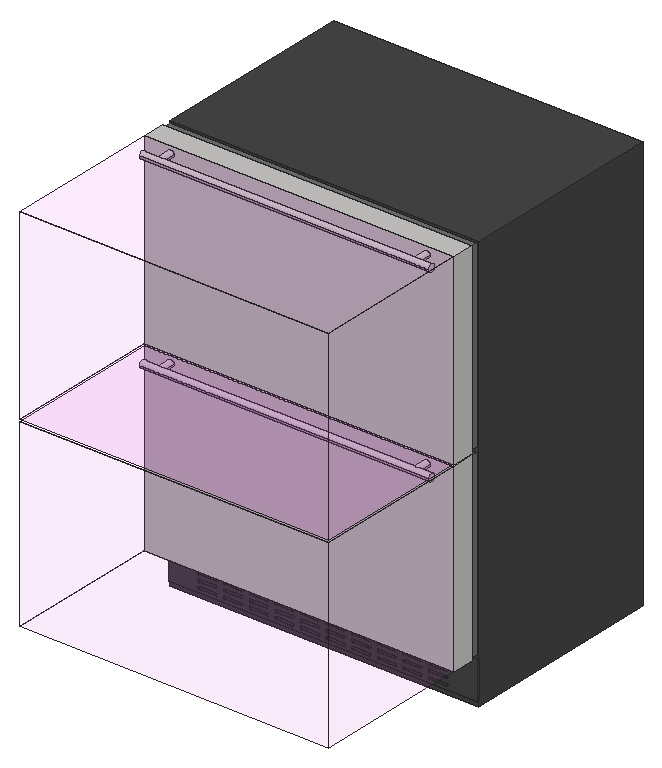
Revit family "QF_Summit_ASDR2414_ADA_Compliant_2_Drawer_Refrigerator", category Specialty Equipment, Revit 2020
Family settings
  Round Connector Dimension = Use Diameter
  Part Type = Normal
  Work Plane-Based = No
  Always vertical = Yes
  Cut with Voids When Loaded = No
  Shared = No
  Room Calculation Point = No
Parameters
  Weight in Pounds = 106
  Watts = if(Phase = 3, Volts * FL Amps * 1.73, Volts * FL Amps)  # 115 W
  Volts = 115 V
  URL Cutsheet = ""
  Specification by User = ""
  Specification by Manufacturer = ""
  Show Kickplate Extension [instance] = no
  Show Feet [instance] = not(Show Kickplate Extension)  # yes
  Show Clearance [instance] = yes
  Serial Number = ""
  Seismic Rating = ""
  SMACNA No = ""
  Revision Code = ""
  Phase = 1
  Number of Poles = 1
  NAFEM Spec ID Number = ""
  Model = "ASDR2414"
  Min Ckt Ampacity = 0 A
  Max Overcurrent Protection = 0 A
  Masterspec = ""
  Manufacturer = "Summit"
  Length = 23 3/8"
  Item Number = ""
  Installed By = ""
  Identify Quantity as Lot = yes
  Height = 32"
  HP = ""
  Furnished By = ""
  Foodservice Equipment Identifier = yes
  FL Amps = 1 A
  Electrical Remarks = ""
  Electric Connection Type = ""
  Elec Conn RI Height = 0"
  Elec Conn Connection Height = 0"
  Description = "ADA Compliant 2-Drawer Refrigerator"
  Depth = 17 7/8"
  Default Elevation = 0"
  Cycle = 60 Hz
  Conn Plug = ""
  Conn Conduit = yes
  CSI MasterFormat = ""
  Base Height [instance] = if(Show Feet, 1/2", if(Show Kickplate Extension, 2", 1/2"))  # 1/2"
  Apparent Power = if(Phase = 3, Volts * FL Amps * 1.73, Volts * FL Amps)  # 115 VA
Reference planes (in)
  plane 1 "BACK": y = 0
  plane 2: z = 0
  plane 3 "LEFT": x = 0
  plane 4 "RIGHT": x = 23.375
  plane 5 "FRONT": y = -17.875
  plane 6 "TOP": z = 32
  plane 7 "Center Y": x = 11.6875
  plane 8 "Center X": y = -8.9375
  plane 9 "Base Height": z = 0.5
  plane 10: y = -29.625
  plane 11: y = -15.5
  plane 12: z = 3.875
  plane 13: y = -19.25
  plane 14: y = -16.125
  plane 15: z = 17.9375
Forms (in)
  Extrusion 1, solid, material "QF_Metal_Black"
    sketch origin (0, 0, 0.5) x (-1, 0, 0) y (0, -1, 0)
      loop
        line (0, 0) -> (0, 15.5) -> (-23.375, 15.5) -> (-23.375, 0) -> (0, 0)
    from 0 to 31.5
  Extrusion 2, solid, material "QF_Metal - Stainless - Polished"
    sketch origin (23.375, -15.5, 0.5) x (-1, 0, 0) y (0, 0, -1)
      loop
        line (23.375, -31.5) -> (23.375, -17.4375) -> (0, -17.4375) -> (0, -31.5) -> (23.375, -31.5)
      loop
        line (23.375, -17.3125) -> (23.375, -3.375) -> (0, -3.375) -> (0, -17.3125) -> (23.375, -17.3125)
    from 0.625 to 2.375
  Extrusion 3, solid, material "QF_Rubber - Black - Smooth"
    sketch origin (23.375, -15.5, 0.5) x (-1, 0, 0) y (0, 0, -1)
      loop
        line (23.25, -31.375) -> (23.25, -17.5625) -> (0.125, -17.5625) -> (0.125, -31.375) -> (23.25, -31.375)
      loop
        line (23.25, -17.1875) -> (23.25, -3.5) -> (0.125, -3.5) -> (0.125, -17.1875) -> (23.25, -17.1875)
    from 0 to 0.625
  Extrusion 4, solid, material "QF_Metal_Black"
    sketch origin (23.375, -15.5, 0.5) x (-1, 0, 0) y (0, 0, -1)
      loop
        line (23.375, -0.375) -> (0, -0.375) -> (0, -3.25) -> (23.375, -3.25) -> (23.375, -0.375)
      loop
        line (13.28125, -2.5625) -> (12.03125, -2.5625)
        arc (12.03125, -2.5625) -> (11.90625, -2.6875) -> (12.03125, -2.8125) r 0.125
        line (12.03125, -2.8125) -> (13.28125, -2.8125)
        arc (13.28125, -2.8125) -> (13.40625, -2.6875) -> (13.28125, -2.5625) r 0.125
      loop
        line (13.28125, -2.0625) -> (12.03125, -2.0625)
        arc (12.03125, -2.0625) -> (11.90625, -2.1875) -> (12.03125, -2.3125) r 0.125
        line (12.03125, -2.3125) -> (13.28125, -2.3125)
        arc (13.28125, -2.3125) -> (13.40625, -2.1875) -> (13.28125, -2.0625) r 0.125
      loop
        arc (13.28125, -1.8125) -> (13.40625, -1.6875) -> (13.28125, -1.5625) r 0.125
        line (13.28125, -1.5625) -> (12.03125, -1.5625)
        arc (12.03125, -1.5625) -> (11.90625, -1.6875) -> (12.03125, -1.8125) r 0.125
        line (12.03125, -1.8125) -> (13.28125, -1.8125)
      loop
        arc (13.28125, -1.3125) -> (13.40625, -1.1875) -> (13.28125, -1.0625) r 0.125
        line (13.28125, -1.0625) -> (12.03125, -1.0625)
        arc (12.03125, -1.0625) -> (11.90625, -1.1875) -> (12.03125, -1.3125) r 0.125
        line (12.03125, -1.3125) -> (13.28125, -1.3125)
      loop
        arc (13.28125, -0.8125) -> (13.40625, -0.6875) -> (13.28125, -0.5625) r 0.125
        line (13.28125, -0.5625) -> (12.03125, -0.5625)
        arc (12.03125, -0.5625) -> (11.90625, -0.6875) -> (12.03125, -0.8125) r 0.125
        line (12.03125, -0.8125) -> (13.28125, -0.8125)
      loop
        line (11.34375, -2.5625) -> (10.09375, -2.5625)
        arc (10.09375, -2.5625) -> (9.96875, -2.6875) -> (10.09375, -2.8125) r 0.125
        line (10.09375, -2.8125) -> (11.34375, -2.8125)
        arc (11.34375, -2.8125) -> (11.46875, -2.6875) -> (11.34375, -2.5625) r 0.125
      loop
        line (11.34375, -2.0625) -> (10.09375, -2.0625)
        arc (10.09375, -2.0625) -> (9.96875, -2.1875) -> (10.09375, -2.3125) r 0.125
        line (10.09375, -2.3125) -> (11.34375, -2.3125)
        arc (11.34375, -2.3125) -> (11.46875, -2.1875) -> (11.34375, -2.0625) r 0.125
      loop
        arc (11.34375, -1.8125) -> (11.46875, -1.6875) -> (11.34375, -1.5625) r 0.125
        line (11.34375, -1.5625) -> (10.09375, -1.5625)
        arc (10.09375, -1.5625) -> (9.96875, -1.6875) -> (10.09375, -1.8125) r 0.125
        line (10.09375, -1.8125) -> (11.34375, -1.8125)
      loop
        arc (11.34375, -1.3125) -> (11.46875, -1.1875) -> (11.34375, -1.0625) r 0.125
        line (11.34375, -1.0625) -> (10.09375, -1.0625)
        arc (10.09375, -1.0625) -> (9.96875, -1.1875) -> (10.09375, -1.3125) r 0.125
        line (10.09375, -1.3125) -> (11.34375, -1.3125)
      loop
        arc (11.34375, -0.8125) -> (11.46875, -0.6875) -> (11.34375, -0.5625) r 0.125
        line (11.34375, -0.5625) -> (10.09375, -0.5625)
        arc (10.09375, -0.5625) -> (9.96875, -0.6875) -> (10.09375, -0.8125) r 0.125
        line (10.09375, -0.8125) -> (11.34375, -0.8125)
      loop
        line (9.40625, -2.5625) -> (8.15625, -2.5625)
        arc (8.15625, -2.5625) -> (8.03125, -2.6875) -> (8.15625, -2.8125) r 0.125
        line (8.15625, -2.8125) -> (9.40625, -2.8125)
        arc (9.40625, -2.8125) -> (9.53125, -2.6875) -> (9.40625, -2.5625) r 0.125
      loop
        line (9.40625, -2.0625) -> (8.15625, -2.0625)
        arc (8.15625, -2.0625) -> (8.03125, -2.1875) -> (8.15625, -2.3125) r 0.125
        line (8.15625, -2.3125) -> (9.40625, -2.3125)
        arc (9.40625, -2.3125) -> (9.53125, -2.1875) -> (9.40625, -2.0625) r 0.125
      loop
        arc (9.40625, -1.8125) -> (9.53125, -1.6875) -> (9.40625, -1.5625) r 0.125
        line (9.40625, -1.5625) -> (8.15625, -1.5625)
        arc (8.15625, -1.5625) -> (8.03125, -1.6875) -> (8.15625, -1.8125) r 0.125
        line (8.15625, -1.8125) -> (9.40625, -1.8125)
      loop
        arc (9.40625, -1.3125) -> (9.53125, -1.1875) -> (9.40625, -1.0625) r 0.125
        line (9.40625, -1.0625) -> (8.15625, -1.0625)
        arc (8.15625, -1.0625) -> (8.03125, -1.1875) -> (8.15625, -1.3125) r 0.125
        line (8.15625, -1.3125) -> (9.40625, -1.3125)
      loop
        arc (9.40625, -0.8125) -> (9.53125, -0.6875) -> (9.40625, -0.5625) r 0.125
        line (9.40625, -0.5625) -> (8.15625, -0.5625)
        arc (8.15625, -0.5625) -> (8.03125, -0.6875) -> (8.15625, -0.8125) r 0.125
        line (8.15625, -0.8125) -> (9.40625, -0.8125)
      loop
        line (7.46875, -2.5625) -> (6.21875, -2.5625)
        arc (6.21875, -2.5625) -> (6.09375, -2.6875) -> (6.21875, -2.8125) r 0.125
        line (6.21875, -2.8125) -> (7.46875, -2.8125)
        arc (7.46875, -2.8125) -> (7.59375, -2.6875) -> (7.46875, -2.5625) r 0.125
      loop
        line (7.46875, -2.0625) -> (6.21875, -2.0625)
        arc (6.21875, -2.0625) -> (6.09375, -2.1875) -> (6.21875, -2.3125) r 0.125
        line (6.21875, -2.3125) -> (7.46875, -2.3125)
        arc (7.46875, -2.3125) -> (7.59375, -2.1875) -> (7.46875, -2.0625) r 0.125
      loop
        arc (7.46875, -1.8125) -> (7.59375, -1.6875) -> (7.46875, -1.5625) r 0.125
        line (7.46875, -1.5625) -> (6.21875, -1.5625)
        arc (6.21875, -1.5625) -> (6.09375, -1.6875) -> (6.21875, -1.8125) r 0.125
        line (6.21875, -1.8125) -> (7.46875, -1.8125)
      loop
        arc (7.46875, -1.3125) -> (7.59375, -1.1875) -> (7.46875, -1.0625) r 0.125
        line (7.46875, -1.0625) -> (6.21875, -1.0625)
        arc (6.21875, -1.0625) -> (6.09375, -1.1875) -> (6.21875, -1.3125) r 0.125
        line (6.21875, -1.3125) -> (7.46875, -1.3125)
      loop
        arc (7.46875, -0.8125) -> (7.59375, -0.6875) -> (7.46875, -0.5625) r 0.125
        line (7.46875, -0.5625) -> (6.21875, -0.5625)
        arc (6.21875, -0.5625) -> (6.09375, -0.6875) -> (6.21875, -0.8125) r 0.125
        line (6.21875, -0.8125) -> (7.46875, -0.8125)
      loop
        line (5.53125, -2.5625) -> (4.28125, -2.5625)
        arc (4.28125, -2.5625) -> (4.15625, -2.6875) -> (4.28125, -2.8125) r 0.125
        line (4.28125, -2.8125) -> (5.53125, -2.8125)
        arc (5.53125, -2.8125) -> (5.65625, -2.6875) -> (5.53125, -2.5625) r 0.125
      loop
        line (5.53125, -2.0625) -> (4.28125, -2.0625)
        arc (4.28125, -2.0625) -> (4.15625, -2.1875) -> (4.28125, -2.3125) r 0.125
        line (4.28125, -2.3125) -> (5.53125, -2.3125)
        arc (5.53125, -2.3125) -> (5.65625, -2.1875) -> (5.53125, -2.0625) r 0.125
      loop
        arc (5.53125, -1.8125) -> (5.65625, -1.6875) -> (5.53125, -1.5625) r 0.125
        line (5.53125, -1.5625) -> (4.28125, -1.5625)
        arc (4.28125, -1.5625) -> (4.15625, -1.6875) -> (4.28125, -1.8125) r 0.125
        line (4.28125, -1.8125) -> (5.53125, -1.8125)
      loop
        arc (5.53125, -1.3125) -> (5.65625, -1.1875) -> (5.53125, -1.0625) r 0.125
        line (5.53125, -1.0625) -> (4.28125, -1.0625)
        arc (4.28125, -1.0625) -> (4.15625, -1.1875) -> (4.28125, -1.3125) r 0.125
        line (4.28125, -1.3125) -> (5.53125, -1.3125)
      loop
        arc (5.53125, -0.8125) -> (5.65625, -0.6875) -> (5.53125, -0.5625) r 0.125
        line (5.53125, -0.5625) -> (4.28125, -0.5625)
        arc (4.28125, -0.5625) -> (4.15625, -0.6875) -> (4.28125, -0.8125) r 0.125
        line (4.28125, -0.8125) -> (5.53125, -0.8125)
      loop
        line (3.59375, -2.5625) -> (2.34375, -2.5625)
        arc (2.34375, -2.5625) -> (2.21875, -2.6875) -> (2.34375, -2.8125) r 0.125
        line (2.34375, -2.8125) -> (3.59375, -2.8125)
        arc (3.59375, -2.8125) -> (3.71875, -2.6875) -> (3.59375, -2.5625) r 0.125
      loop
        line (3.59375, -2.0625) -> (2.34375, -2.0625)
        arc (2.34375, -2.0625) -> (2.21875, -2.1875) -> (2.34375, -2.3125) r 0.125
        line (2.34375, -2.3125) -> (3.59375, -2.3125)
        arc (3.59375, -2.3125) -> (3.71875, -2.1875) -> (3.59375, -2.0625) r 0.125
      loop
        arc (3.59375, -1.8125) -> (3.71875, -1.6875) -> (3.59375, -1.5625) r 0.125
        line (3.59375, -1.5625) -> (2.34375, -1.5625)
        arc (2.34375, -1.5625) -> (2.21875, -1.6875) -> (2.34375, -1.8125) r 0.125
        line (2.34375, -1.8125) -> (3.59375, -1.8125)
      loop
        arc (3.59375, -1.3125) -> (3.71875, -1.1875) -> (3.59375, -1.0625) r 0.125
        line (3.59375, -1.0625) -> (2.34375, -1.0625)
        arc (2.34375, -1.0625) -> (2.21875, -1.1875) -> (2.34375, -1.3125) r 0.125
        line (2.34375, -1.3125) -> (3.59375, -1.3125)
      loop
        arc (3.59375, -0.8125) -> (3.71875, -0.6875) -> (3.59375, -0.5625) r 0.125
        line (3.59375, -0.5625) -> (2.34375, -0.5625)
        arc (2.34375, -0.5625) -> (2.21875, -0.6875) -> (2.34375, -0.8125) r 0.125
        line (2.34375, -0.8125) -> (3.59375, -0.8125)
      loop
        line (15.21875, -2.5625) -> (13.96875, -2.5625)
        arc (13.96875, -2.5625) -> (13.84375, -2.6875) -> (13.96875, -2.8125) r 0.125
        line (13.96875, -2.8125) -> (15.21875, -2.8125)
        arc (15.21875, -2.8125) -> (15.34375, -2.6875) -> (15.21875, -2.5625) r 0.125
      loop
        line (15.21875, -2.0625) -> (13.96875, -2.0625)
        arc (13.96875, -2.0625) -> (13.84375, -2.1875) -> (13.96875, -2.3125) r 0.125
        line (13.96875, -2.3125) -> (15.21875, -2.3125)
        arc (15.21875, -2.3125) -> (15.34375, -2.1875) -> (15.21875, -2.0625) r 0.125
      loop
        arc (15.21875, -1.8125) -> (15.34375, -1.6875) -> (15.21875, -1.5625) r 0.125
        line (15.21875, -1.5625) -> (13.96875, -1.5625)
        arc (13.96875, -1.5625) -> (13.84375, -1.6875) -> (13.96875, -1.8125) r 0.125
        line (13.96875, -1.8125) -> (15.21875, -1.8125)
      loop
        arc (15.21875, -1.3125) -> (15.34375, -1.1875) -> (15.21875, -1.0625) r 0.125
        line (15.21875, -1.0625) -> (13.96875, -1.0625)
        arc (13.96875, -1.0625) -> (13.84375, -1.1875) -> (13.96875, -1.3125) r 0.125
        line (13.96875, -1.3125) -> (15.21875, -1.3125)
      loop
        arc (15.21875, -0.8125) -> (15.34375, -0.6875) -> (15.21875, -0.5625) r 0.125
        line (15.21875, -0.5625) -> (13.96875, -0.5625)
        arc (13.96875, -0.5625) -> (13.84375, -0.6875) -> (13.96875, -0.8125) r 0.125
        line (13.96875, -0.8125) -> (15.21875, -0.8125)
      loop
        line (17.15625, -2.5625) -> (15.90625, -2.5625)
        arc (15.90625, -2.5625) -> (15.78125, -2.6875) -> (15.90625, -2.8125) r 0.125
        line (15.90625, -2.8125) -> (17.15625, -2.8125)
        arc (17.15625, -2.8125) -> (17.28125, -2.6875) -> (17.15625, -2.5625) r 0.125
      loop
        line (17.15625, -2.0625) -> (15.90625, -2.0625)
        arc (15.90625, -2.0625) -> (15.78125, -2.1875) -> (15.90625, -2.3125) r 0.125
        line (15.90625, -2.3125) -> (17.15625, -2.3125)
        arc (17.15625, -2.3125) -> (17.28125, -2.1875) -> (17.15625, -2.0625) r 0.125
      loop
        arc (17.15625, -1.8125) -> (17.28125, -1.6875) -> (17.15625, -1.5625) r 0.125
        line (17.15625, -1.5625) -> (15.90625, -1.5625)
        arc (15.90625, -1.5625) -> (15.78125, -1.6875) -> (15.90625, -1.8125) r 0.125
        line (15.90625, -1.8125) -> (17.15625, -1.8125)
      loop
        arc (17.15625, -1.3125) -> (17.28125, -1.1875) -> (17.15625, -1.0625) r 0.125
        line (17.15625, -1.0625) -> (15.90625, -1.0625)
        arc (15.90625, -1.0625) -> (15.78125, -1.1875) -> (15.90625, -1.3125) r 0.125
        line (15.90625, -1.3125) -> (17.15625, -1.3125)
      loop
        arc (17.15625, -0.8125) -> (17.28125, -0.6875) -> (17.15625, -0.5625) r 0.125
        line (17.15625, -0.5625) -> (15.90625, -0.5625)
        arc (15.90625, -0.5625) -> (15.78125, -0.6875) -> (15.90625, -0.8125) r 0.125
        line (15.90625, -0.8125) -> (17.15625, -0.8125)
      loop
        line (19.09375, -2.5625) -> (17.84375, -2.5625)
        arc (17.84375, -2.5625) -> (17.71875, -2.6875) -> (17.84375, -2.8125) r 0.125
        line (17.84375, -2.8125) -> (19.09375, -2.8125)
        arc (19.09375, -2.8125) -> (19.21875, -2.6875) -> (19.09375, -2.5625) r 0.125
      loop
        line (19.09375, -2.0625) -> (17.84375, -2.0625)
        arc (17.84375, -2.0625) -> (17.71875, -2.1875) -> (17.84375, -2.3125) r 0.125
        line (17.84375, -2.3125) -> (19.09375, -2.3125)
        arc (19.09375, -2.3125) -> (19.21875, -2.1875) -> (19.09375, -2.0625) r 0.125
      loop
        arc (19.09375, -1.8125) -> (19.21875, -1.6875) -> (19.09375, -1.5625) r 0.125
        line (19.09375, -1.5625) -> (17.84375, -1.5625)
        arc (17.84375, -1.5625) -> (17.71875, -1.6875) -> (17.84375, -1.8125) r 0.125
        line (17.84375, -1.8125) -> (19.09375, -1.8125)
      loop
        arc (19.09375, -1.3125) -> (19.21875, -1.1875) -> (19.09375, -1.0625) r 0.125
        line (19.09375, -1.0625) -> (17.84375, -1.0625)
        arc (17.84375, -1.0625) -> (17.71875, -1.1875) -> (17.84375, -1.3125) r 0.125
        line (17.84375, -1.3125) -> (19.09375, -1.3125)
      loop
        arc (19.09375, -0.8125) -> (19.21875, -0.6875) -> (19.09375, -0.5625) r 0.125
        line (19.09375, -0.5625) -> (17.84375, -0.5625)
        arc (17.84375, -0.5625) -> (17.71875, -0.6875) -> (17.84375, -0.8125) r 0.125
        line (17.84375, -0.8125) -> (19.09375, -0.8125)
      loop
        line (21.03125, -2.5625) -> (19.78125, -2.5625)
        arc (19.78125, -2.5625) -> (19.65625, -2.6875) -> (19.78125, -2.8125) r 0.125
        line (19.78125, -2.8125) -> (21.03125, -2.8125)
        arc (21.03125, -2.8125) -> (21.15625, -2.6875) -> (21.03125, -2.5625) r 0.125
      loop
        line (21.03125, -2.0625) -> (19.78125, -2.0625)
        arc (19.78125, -2.0625) -> (19.65625, -2.1875) -> (19.78125, -2.3125) r 0.125
        line (19.78125, -2.3125) -> (21.03125, -2.3125)
        arc (21.03125, -2.3125) -> (21.15625, -2.1875) -> (21.03125, -2.0625) r 0.125
      loop
        arc (21.03125, -1.8125) -> (21.15625, -1.6875) -> (21.03125, -1.5625) r 0.125
        line (21.03125, -1.5625) -> (19.78125, -1.5625)
        arc (19.78125, -1.5625) -> (19.65625, -1.6875) -> (19.78125, -1.8125) r 0.125
        line (19.78125, -1.8125) -> (21.03125, -1.8125)
      loop
        arc (21.03125, -1.3125) -> (21.15625, -1.1875) -> (21.03125, -1.0625) r 0.125
        line (21.03125, -1.0625) -> (19.78125, -1.0625)
        arc (19.78125, -1.0625) -> (19.65625, -1.1875) -> (19.78125, -1.3125) r 0.125
        line (19.78125, -1.3125) -> (21.03125, -1.3125)
      loop
        arc (21.03125, -0.8125) -> (21.15625, -0.6875) -> (21.03125, -0.5625) r 0.125
        line (21.03125, -0.5625) -> (19.78125, -0.5625)
        arc (19.78125, -0.5625) -> (19.65625, -0.6875) -> (19.78125, -0.8125) r 0.125
        line (19.78125, -0.8125) -> (21.03125, -0.8125)
    from 0 to 0.0625
  Extrusion 5, solid, material "QF_Metal_Black"
    sketch origin (0, 0, 0.5) x (1, 0, 0) y (0, 0, -1)
      loop
        circle (20.15625, -1.25) r 0.25
    from 0 to 0.0625
  Extrusion 6, solid, material "QF_Metal - Stainless - Polished"
    sketch origin (23.375, 0, 0) x (0, -1, 0) y (0, 0, 1)
      loop
        circle (19, 31.5) r 0.25
      loop
        circle (19, 17.3125) r 0.25
    from 0.75 to 22.625
  Extrusion 7, solid, material "QF_Metal - Stainless - Polished"
    sketch origin (23.375, -17.875, 0.5) x (-1, 0, 0) y (0, 0, -1)
      loop
        circle (21.375, -31) r 0.23406
      loop
        circle (2, -31) r 0.23438
      loop
        circle (21.375, -16.8125) r 0.23438
      loop
        circle (2, -16.8125) r 0.23438
    from 0 to 1.14007
  Revolve 8, solid, material "QF_Metal - Stainless - Polished", visible <- "Show Feet"
    sketch origin (0, -1.4375, 0) x (1, 0, 0) y (0, 0, 1)
      loop
        line (1.4375, 0.5) -> (1.25, 0.5) -> (1.25, 0.375) -> (0.85417, 0.375) -> (0.85417, 0.3125) -> (0.9375, 0) -> (1.4375, 0) -> (1.4375, 0.5)
      axis (1.4375, 0.5) -> (1.4375, 0)
    angle from 0 to 360
  Revolve 9, solid, material "QF_Metal - Stainless - Polished", visible <- "Show Feet"
    sketch origin (14.75, -1.4375, 0) x (-1, 0, 0) y (0, 0, -1)
      loop
        line (-7.1875, -0.5) -> (-7.1875, 0) -> (-7.6875, 0) -> (-7.77083, -0.3125) -> (-7.77083, -0.375) -> (-7.375, -0.375) -> (-7.375, -0.5) -> (-7.1875, -0.5)
      axis (-7.1875, -0.5) -> (-7.1875, 0)
    angle from 0 to 360
  Revolve 10, solid, material "QF_Metal - Stainless - Polished", visible <- "Show Feet"
    sketch origin (0, -14.0625, 0) x (1, 0, 0) y (0, 0, 1)
      loop
        line (1.4375, 0.5) -> (1.25, 0.5) -> (1.25, 0.375) -> (0.85417, 0.375) -> (0.85417, 0.3125) -> (0.9375, 0) -> (1.4375, 0) -> (1.4375, 0.5)
      axis (1.4375, 0.5) -> (1.4375, 0)
    angle from 0 to 360
  Revolve 11, solid, material "QF_Metal - Stainless - Polished", visible <- "Show Feet"
    sketch origin (14.75, -14.0625, 0) x (-1, 0, 0) y (0, 0, -1)
      loop
        line (-7.1875, -0.5) -> (-7.1875, 0) -> (-7.6875, 0) -> (-7.77083, -0.3125) -> (-7.77083, -0.375) -> (-7.375, -0.375) -> (-7.375, -0.5) -> (-7.1875, -0.5)
      axis (-7.1875, -0.5) -> (-7.1875, 0)
    angle from 0 to 360
  Extrusion 12, solid, material "QF_Clearances_Door_Drawer", visible <- "Show Clearance"
    sketch origin (23.375, -17.875, 0.5) x (-1, 0, 0) y (0, 0, -1)
      loop
        line (23.375, -31.5) -> (23.375, -17.4375) -> (0, -17.4375) -> (0, -31.5) -> (23.375, -31.5)
      loop
        line (23.375, -17.3125) -> (23.375, -3.375) -> (0, -3.375) -> (0, -17.3125) -> (23.375, -17.3125)
    from 0 to 11.75
Cuts and joins
  joined: Extrusion 6, Extrusion 7
Lines and regions (in)
  Split face 1
    outline origin (0, -15.5, 32) x (1, 0, 0) y (0, 1, 0)
      loop
        line (7.4375, -1) -> (7.4375, -1.875)
        arc (7.4375, -1.875) -> (7.47411, -1.96339) -> (7.5625, -2) r 0.125
        line (7.5625, -2) -> (15.8125, -2)
        arc (15.8125, -2) -> (15.90089, -1.96339) -> (15.9375, -1.875) r 0.125
        line (15.9375, -1.875) -> (15.9375, -1)
        arc (15.9375, -1) -> (15.90089, -0.91161) -> (15.8125, -0.875) r 0.125
        line (15.8125, -0.875) -> (7.5625, -0.875)
        arc (7.5625, -0.875) -> (7.47411, -0.91161) -> (7.4375, -1) r 0.125
  Split face 2
    outline origin (4.3125, -15.5, 32) x (1, 0, 0) y (0, 1, 0)
      loop
        line (3.65024, -1.38772) -> (3.75571, -1.39121) -> (3.75571, -0.98413) -> (3.65024, -0.98413) -> (3.65024, -1.38772)
  Split face 3
    outline origin (4.3125, -15.5, 32) x (1, 0, 0) y (0, 1, 0)
      loop
        arc (3.65024, -1.18802) -> (3.70298, -1.81641) -> (3.75571, -1.18802) r 0.31641
  symbolic lines
    curve 1: line (0, 0, 0.5) -> (23.375, 0, 0.5)
    curve 2: line (0, -15.5, 0.5) -> (0, 0, 0.5)
    curve 3: line (23.375, -15.5, 0.5) -> (0, -15.5, 0.5)
    curve 4: line (23.375, 0, 0.5) -> (23.375, -15.5, 0.5)
    curve 5: line (0, -16.125, 0.5) -> (23.375, -16.125, 0.5)
    curve 6: line (0, -17.875, 0.5) -> (0, -16.125, 0.5)
    curve 7: line (23.375, -17.875, 0.5) -> (0, -17.875, 0.5)
    curve 8: line (23.375, -16.125, 0.5) -> (23.375, -17.875, 0.5)
    curve 9: line (23.25, -16.125, 0.5) -> (23.25, -15.5, 0.5)
    curve 10: line (0.125, -16.125, 0.5) -> (0.125, -15.5, 0.5)
    curve 11: line (7.5625, -16.375, 0.5) -> (15.8125, -16.375, 0.5)
    curve 12: arc (15.8125, -16.375, 0.5) -> (15.90089, -16.41161, 0.5) -> (15.9375, -16.5, 0.5) r 0.125
    curve 13: line (15.9375, -16.5, 0.5) -> (15.9375, -17.375, 0.5)
    curve 14: arc (15.9375, -17.375, 0.5) -> (15.90089, -17.46339, 0.5) -> (15.8125, -17.5, 0.5) r 0.125
    curve 15: line (15.8125, -17.5, 0.5) -> (7.5625, -17.5, 0.5)
    curve 16: arc (7.5625, -17.5, 0.5) -> (7.47411, -17.46339, 0.5) -> (7.4375, -17.375, 0.5) r 0.125
    curve 17: line (7.4375, -17.375, 0.5) -> (7.4375, -16.5, 0.5)
    curve 18: arc (7.4375, -16.5, 0.5) -> (7.47411, -16.41161, 0.5) -> (7.5625, -16.375, 0.5) r 0.125
    curve 19: arc (7.96274, -16.68802, 0.5) -> (8.01548, -17.31641, 0.5) -> (8.06821, -16.68802, 0.5) r 0.31641
    curve 20: line (7.96274, -16.88772, 0.5) -> (7.96274, -16.48413, 0.5)
    curve 21: line (8.06821, -16.48413, 0.5) -> (8.06821, -16.89121, 0.5)
    curve 22: line (7.96274, -16.48413, 0.5) -> (8.06821, -16.48413, 0.5)
    curve 23: line (8.06821, -16.89121, 0.5) -> (7.96274, -16.88772, 0.5)
    curve 24: line (0.75, -18.75, 0.5) -> (22.625, -18.75, 0.5)
    curve 25: line (0.75, -19.25, 0.5) -> (0.75, -18.75, 0.5)
    curve 26: line (22.625, -19.25, 0.5) -> (0.75, -19.25, 0.5)
    curve 27: line (22.625, -18.75, 0.5) -> (22.625, -19.25, 0.5)
    curve 28: line (21.60937, -18.75, 0.5) -> (21.60937, -17.875, 0.5)
    curve 29: line (21.14062, -18.75, 0.5) -> (21.14062, -17.875, 0.5)
    curve 30: line (2.23406, -18.75, 0.5) -> (2.23406, -17.875, 0.5)
    curve 31: line (1.76562, -18.75, 0.5) -> (1.76562, -17.875, 0.5)
  symbolic lines, style "QF_Clearances_Door_Drawer", visible <- "Show Clearance"
    curve 32: line (0, -17.875, 0.5) -> (0, -29.625, 0.5)
    curve 33: line (0, -29.625, 0.5) -> (23.375, -29.625, 0.5)
    curve 34: line (23.375, -29.625, 0.5) -> (23.375, -17.875, 0.5)
Dimensions and locks (in)
  equal spacing: plane 3 "LEFT", plane 7 "Center Y", plane 4 "RIGHT"
  "Length": plane 3 "LEFT" to plane 4 "RIGHT"
  equal spacing: plane 5 "FRONT", plane 8 "Center X", plane 1 "BACK"
  "Depth": plane 5 "FRONT" to plane 1 "BACK"
  plane 6 "TOP" to level = 32"
  "Base Height": plane 9 "Base Height" to level
  plane 10 to plane 1 "BACK" = 29 5/8"
  plane 11 to plane 1 "BACK" = 15 1/2"
  plane 12 to plane 9 "Base Height" = 3 3/8"
  locked: plane 6 "TOP" to plane 9 "Base Height" at 31.5
  plane 13 to plane 5 "FRONT" = 1 3/8"
  plane 5 "FRONT" to plane 14 = 1 3/4"
  plane 6 "TOP" to plane 15 to plane 12 = 14 1/16", 14 1/16"
  aligned and locked: level to plane 2
Automatic sketch dimensions
  plane 1 "BACK" to Extrusion 1 sketch curve = 0"
  Extrusion 1 sketch curve to plane 4 "RIGHT" = 0"
  Extrusion 1 sketch curve to plane 3 "LEFT" = 0"
  Extrusion 1 sketch curve to plane 11 = 0"
  Extrusion 2 sketch curve to Extrusion 1 = 0"  (x5)
  Extrusion 1 to Extrusion 2 sketch curve = 14 1/16"
  Extrusion 2 sketch curve to Extrusion 2 sketch curve = 1/8"
  Extrusion 1 to Extrusion 2 sketch curve = 3 3/8"
  Extrusion 3 sketch curve to Extrusion 1 = 1/8"  (x2)
  Extrusion 1 to Extrusion 3 sketch curve = 1/8"  (x3)
  Extrusion 3 sketch curve to Extrusion 3 sketch curve = 13 13/16"
  Extrusion 3 sketch curve to Extrusion 3 sketch curve = 3/8"
  Extrusion 1 to Extrusion 3 sketch curve = 3 1/2"
  Extrusion 1 to Extrusion 5 sketch curve = 1 1/4"
  Extrusion 5 sketch curve to Extrusion 1 = 3 7/32"
  plane 13 to Extrusion 6 sketch curve = 1/4"  (x2)
  Extrusion 6 sketch curve to plane 15 = 5/8"
  Extrusion 6 sketch curve to plane 6 "TOP" = 1/2"
  Extrusion 7 sketch curve to Extrusion 2 = 1/2"  (x4)
  Extrusion 7 sketch curve to Extrusion 2 = 2"  (x4)
  Revolve 8 sketch curve to level = 0"
  Revolve 8 sketch curve to plane 9 "Base Height" = 0"
  Revolve 8 sketch curve to plane 9 "Base Height" = 1/8"  (x2)
  plane 3 "LEFT" to Revolve 8 sketch curve = 0.85417"
  Revolve 8 sketch curve to Revolve 8 sketch curve = 0.08333"
  Revolve 8 sketch curve to Revolve 8 sketch curve = 0.39583"
  Revolve 8 sketch curve to Revolve 8 sketch curve = 3/16"
  Revolve 8 sketch curve to Revolve 8 sketch curve = 1/16"
  Revolve 8 sketch curve to Revolve 8 sketch curve = 0"
  Revolve 8 sketch curve to level = 0.68792"
  Revolve 9 sketch curve to level = 0"
  Revolve 9 sketch curve to plane 9 "Base Height" = 0"
  Revolve 9 sketch curve to plane 9 "Base Height" = 1/8"  (x2)
  plane 4 "RIGHT" to Revolve 9 sketch curve = 0.85417"
  Revolve 9 sketch curve to Revolve 9 sketch curve = 0.08333"
  Revolve 9 sketch curve to Revolve 9 sketch curve = 0.39583"
  Revolve 9 sketch curve to Revolve 9 sketch curve = 3/16"
  Revolve 9 sketch curve to Revolve 9 sketch curve = 1/16"
  Revolve 9 sketch curve to Revolve 9 sketch curve = 0"
  Revolve 9 sketch curve to Revolve 9 sketch curve = 0.68792"
  Revolve 10 sketch curve to level = 0"
  Revolve 10 sketch curve to plane 9 "Base Height" = 0"
  Revolve 10 sketch curve to plane 9 "Base Height" = 1/8"  (x2)
  plane 3 "LEFT" to Revolve 10 sketch curve = 0.85417"
  Revolve 10 sketch curve to Revolve 10 sketch curve = 0.08333"
  Revolve 10 sketch curve to Revolve 10 sketch curve = 0.39583"
  Revolve 10 sketch curve to Revolve 10 sketch curve = 3/16"
  Revolve 10 sketch curve to Revolve 10 sketch curve = 1/16"
  Revolve 10 sketch curve to Revolve 10 sketch curve = 0"
  Revolve 10 sketch curve to level = 0.68792"
  Revolve 11 sketch curve to level = 0"
  Revolve 11 sketch curve to plane 9 "Base Height" = 0"
  Revolve 11 sketch curve to plane 9 "Base Height" = 1/8"  (x2)
  plane 4 "RIGHT" to Revolve 11 sketch curve = 0.85417"
  Revolve 11 sketch curve to Revolve 11 sketch curve = 0.08333"
  Revolve 11 sketch curve to Revolve 11 sketch curve = 0.39583"
  Revolve 11 sketch curve to Revolve 11 sketch curve = 3/16"
  Revolve 11 sketch curve to Revolve 11 sketch curve = 1/16"
  Revolve 11 sketch curve to Revolve 11 sketch curve = 0"
  Revolve 11 sketch curve to Revolve 11 sketch curve = 0.68792"
  Split face 2 sketch curve to Extrusion 2 = 0.35913"
  Split face 2 sketch curve to Extrusion 2 = 7.96274"
  Split face 2 sketch curve to Split face 2 sketch curve = 27/256"
  Split face 2 sketch curve to Split face 2 sketch curve = 0.40359"
  Split face 2 sketch curve to Split face 2 sketch curve = 0.00349"
  Extrusion 12 sketch curve to Extrusion 2 = 0"  (x5)
  Extrusion 2 to Extrusion 12 sketch curve = 0"  (x3)
  curve 4 to plane 4 "RIGHT" = 0"
  curve 9 to plane 11 = 0"
  curve 9 to plane 14 = 0"
  curve 27 to plane 13 = 0"
  plane 5 "FRONT" to curve 31 = 0"
  curve 7 to plane 3 "LEFT" = 0"
  curve 3 to plane 3 "LEFT" = 0"
  plane 1 "BACK" to curve 1 = 0"
  plane 4 "RIGHT" to curve 27 = 3/4"
  curve 13 to plane 5 "FRONT" = 1/2"
  curve 24 to curve 13 = 6 11/16"
  curve 12 to curve 12 = 1/8"
  curve 14 to curve 15 = 1/8"
  curve 21 to plane 14 = 0.35913"
  curve 21 to plane 7 "Center Y" = 3.61929"
  curve 21 to curve 19 = 0.05273"
  curve 23 to plane 14 = 0.76272"
  curve 21 to curve 23 = 27/256"
  curve 20 to curve 18 = 0.40024"
  curve 19 to curve 15 = 0.45298"
  curve 18 to curve 17 = 1/8"
  plane 3 "LEFT" to curve 25 = 3/4"
  curve 11 to plane 14 = 1/4"
  curve 20 to curve 23 = 0.00349"
  curve 21 to curve 19 = 0.10879"
  curve 25 to curve 25 = 1/2"
  curve 3 to curve 9 = 1/8"
  curve 24 to curve 28 = 1 1/64"
  curve 28 to curve 29 = 15/32"
  curve 30 to curve 24 = 1.48406"
  curve 30 to curve 31 = 0.46844"
  plane 3 "LEFT" to curve 10 = 1/8"
  curve 19 to curve 21 = 0.20319"
  curve 32 to plane 10 = 0"
  curve 33 to plane 4 "RIGHT" = 0"
  Split face 1 sketch curve to Extrusion 2 = 7 7/16"
  Split face 1 sketch curve to Split face 1 sketch curve = 1/8"  (x3)
  Split face 1 sketch curve to Extrusion 2 = 3/8"
  Split face 1 sketch curve to Extrusion 2 = 7 9/16"
  Split face 1 sketch curve to Split face 1 sketch curve = 0"
  Split face 1 sketch curve to Extrusion 2 = 1/2"
  Extrusion 4 sketch curve to Extrusion 1 = 0"  (x2)
  Extrusion 4 sketch curve to Extrusion 1 = 2 11/32"
  Extrusion 4 sketch curve to Extrusion 4 sketch curve = 0"  (x66)
  Extrusion 1 to Extrusion 4 sketch curve = 9/16"  (x3)
  Extrusion 4 sketch curve to Extrusion 4 sketch curve = 1 1/4"  (x12)
  Extrusion 4 sketch curve to Extrusion 4 sketch curve = 11/16"  (x22)
  Extrusion 4 sketch curve to Extrusion 4 sketch curve = 1/8"  (x50)
  Extrusion 1 to Extrusion 4 sketch curve = 11/16"  (x6)
  Extrusion 4 sketch curve to Extrusion 4 sketch curve = 1/4"  (x40)
  Extrusion 4 sketch curve to Extrusion 4 sketch curve = 7/16"
  Extrusion 1 to Extrusion 4 sketch curve = 3/8"
  radius of Extrusion 5 sketch curve = 1/4"
  radius of Extrusion 6 sketch curve = 1/4"  (x2)
  radius of Extrusion 7 sketch curve = 0.23406"
  radius of Extrusion 7 sketch curve = 15/64"  (x3)
Connectors (in)
  electrical at (20.15625, 0, 1.75), driven by "Volts"
    settings: on Extrusion 5, index 1, voltage 115 V, apparent load 0 VA, apparent load phase1 0 VA, apparent load phase2 0 VA, apparent load phase3 0 VA, power factor 1, load classification "Other", number of poles 1, system type 30, power factor state 1, is connector primary yes, connector utility no, sub classification motor no, connector description "Electrical Connection"
